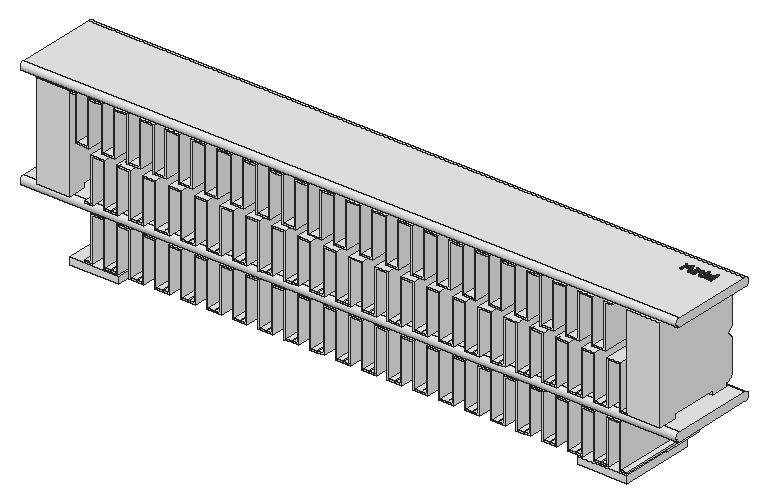
Revit family "Runtal-R3F-1", category Mechanical Equipment, host Face, Revit 2024
Family settings
  Host = Face
  Round Connector Dimension = Use Diameter
  Part Type = Normal
  OmniClass Number = 23.75.10.14.14
  OmniClass Title = Electric Radiators
  Cut with Voids When Loaded = No
  Maintain Annotation Orientation = No
  Shared = No
  Room Calculation Point = No
Parameters (values of type "Radiator-R3F_1-Runtal-Commercial")
  URL = "http://www.runtalnorthamerica.com/commercial_institutional/type_r3f.html"
  Model = "R3F-1"
  Manufacturer = "Runtal Radiators"
  Logo = Paint-Runtal-B-Black Matte
  Length = 508.000 mm
  Lamelle = yes
  Height = 144.780 mm
  Grille Visibility = Actual Length < 1524.000 mm  # yes
  Grille = yes
  Frame = UHMW, White
  Fin Length = Actual Length - 38.100 mm - 38.100 mm  # 431.800 mm
  Fin Height = 67.000 mm
  Description = "R3F radiators are mounted horizontally and consist of two rows of fins sandwiched between two layers of panels."
  Default Elevation = 1219.200 mm
  Casing = Powder Coated-Runtal-W-White
  Assembly Code = "D3020"
  Actual Length = if(Length < 508.000 mm, 508.000 mm, (if(Length > 8991.600 mm, 8991.600 mm, Length)))  # 508.000 mm
Reference planes
  plane 1 "Center (Front/Back)": y = 0
  plane 2: z = 0
  plane 3 "Center (Left/Right)": x = 0
  plane 4: z = 41.275
  plane 5: z = 84.138
  plane 6: z = 120.65
  plane 7: x = -254
  plane 8: x = 254
  plane 9: x = 215.9
  plane 10: z = 52.675
  plane 11: z = 114.975
  plane 12: x = -215.9
  plane 13: z = 47.625
  plane 14: x = -241.3
  plane 15: x = 241.3
  plane 16: y = 72.38
  plane 17: y = -72.38
  plane 18: y = 2.53
  plane 19: z = 5.4
  plane 20: y = 60.38
  plane 21: y = 61.38
Forms (mm)
  Sweep 1, solid, material "Powder Coated-Runtal-W-White" <- "Casing"
    path origin (0, 2.53, -82.252) x (0, 0, -1) y (-1, 0, 0)
      loop
        line (-202.902, 254) -> (-202.902, -254)
    profile "PF Panel : PF Panel" origin (0, 2.53, 120.65) x (0, 0, -1) y (0, 1, 0)
      loop
        arc (-6.35, 3.175) -> (-3.175, 0) -> (0, 3.175) r 3.175
        line (0, 3.175) -> (0, 66.675)
        arc (0, 66.675) -> (-3.175, 69.85) -> (-6.35, 66.675) r 3.175
        line (-6.35, 66.675) -> (-6.35, 3.175)
  Sweep 2, solid, material "Powder Coated-Runtal-W-White" <- "Casing"
    path origin (0, 2.53, -161.627) x (0, 0, -1) y (-1, 0, 0)
      loop
        line (-202.902, 254) -> (-202.902, -254)
    profile "PF Panel : PF Panel" origin (0, 2.53, 41.275) x (0, 0, -1) y (0, 1, 0)
      loop
        arc (-6.35, 3.175) -> (-3.175, 0) -> (0, 3.175) r 3.175
        line (0, 3.175) -> (0, 66.675)
        arc (0, 66.675) -> (-3.175, 69.85) -> (-6.35, 66.675) r 3.175
        line (-6.35, 66.675) -> (-6.35, 3.175)
  Extrusion 3, solid, material "Paint-Runtal-B-Black Matte" <- "Logo"
    sketch origin (0, -823.718, -152.4) x (1, 0, 0) y (0, 1, 0)
      loop
        line (215.9, 877.175) -> (217.482, 877.175) -> (217.482, 880.935)
        arc (217.482, 880.935) -> (218.028, 881.547) -> (218.698, 881.075) r 0.616
        arc (218.698, 881.075) -> (218.926, 880.633) -> (219.216, 880.229) r 3.37
        line (219.216, 880.229) -> (221.077, 880.229) -> (219.757, 883.061)
        arc (219.757, 883.061) -> (219.338, 883.403) -> (218.812, 883.525) r 1.194
        line (218.812, 883.525) -> (216.635, 883.525)
        arc (216.635, 883.525) -> (216.118, 883.334) -> (215.9, 882.827) r 0.699
        line (215.9, 882.827) -> (215.9, 877.175)
      loop
        line (222.852, 877.146) -> (225.869, 877.146) -> (225.869, 883.46)
        arc (225.869, 883.46) -> (225.105, 883.929) -> (224.341, 883.46) r 0.856
        line (224.341, 883.46) -> (224.341, 879.55)
        arc (224.341, 879.55) -> (223.721, 878.929) -> (223.1, 879.55) r 0.62
        line (223.1, 879.55) -> (221.834, 883.692)
        arc (221.834, 883.692) -> (220.996, 884.11) -> (220.536, 883.296) r 0.68
        line (220.536, 883.296) -> (221.738, 878.473)
        arc (221.738, 878.473) -> (222.142, 877.681) -> (222.852, 877.146) r 1.976
      loop
        line (226.263, 877.175) -> (227.738, 877.175) -> (227.738, 881.08)
        arc (227.738, 881.08) -> (228.119, 881.677) -> (228.747, 881.35) r 0.524
        line (228.747, 881.35) -> (229.931, 878.096)
        arc (229.931, 878.096) -> (230.64, 877.334) -> (231.68, 877.312) r 1.335
        line (231.68, 877.312) -> (230.282, 882.529)
        arc (230.282, 882.529) -> (229.99, 883.234) -> (229.286, 883.525) r 0.996
        line (229.286, 883.525) -> (226.837, 883.525)
        arc (226.837, 883.525) -> (226.431, 883.357) -> (226.263, 882.951) r 0.574
        line (226.263, 882.951) -> (226.263, 877.175)
      loop
        line (232.362, 877.175) -> (233.546, 877.175) -> (233.546, 880.946)
        arc (233.546, 880.946) -> (233.686, 881.325) -> (234.038, 881.521) r 0.582
        line (234.038, 881.521) -> (236.904, 881.521)
        arc (236.904, 881.521) -> (237.565, 880.86) -> (236.904, 880.199) r 0.661
        line (236.904, 880.199) -> (235.445, 880.199)
        arc (235.445, 880.199) -> (234.937, 879.989) -> (234.726, 879.481) r 0.718
        line (234.726, 879.481) -> (234.726, 877.743)
        arc (234.726, 877.743) -> (235.131, 877.463) -> (235.621, 877.417) r 0.967
        line (235.621, 877.417) -> (238.115, 877.417)
        arc (238.115, 877.417) -> (238.698, 877.659) -> (238.939, 878.241) r 0.824
        line (238.939, 878.241) -> (238.939, 881.716)
        arc (238.939, 881.716) -> (238.614, 882.502) -> (237.828, 882.828) r 1.111
        line (237.828, 882.828) -> (234.143, 882.828)
        arc (234.143, 882.828) -> (233.721, 883.003) -> (233.546, 883.425) r 0.597
        line (233.546, 883.425) -> (233.546, 884.441)
        arc (233.546, 884.441) -> (232.868, 885.118) -> (232.191, 884.441) r 0.677
        line (232.191, 884.441) -> (232.191, 882.794)
        arc (232.191, 882.794) -> (231.752, 882.355) -> (231.152, 882.194) r 1.2
        arc (231.152, 882.194) -> (230.815, 881.857) -> (231.152, 881.521) r 0.336
        arc (231.152, 881.521) -> (231.811, 881.385) -> (232.362, 880.998) r 1.661
        line (232.362, 880.998) -> (232.362, 877.175)
      loop
        spline (235.817, 878.915) -> (235.846, 878.769) -> (235.933, 878.633) -> (236.07, 878.516) -> (236.248, 878.426) -> (236.456, 878.37) -> (236.68, 878.35) -> (236.903, 878.37) -> (237.111, 878.426) -> (237.289, 878.516) -> (237.427, 878.633) -> (237.513, 878.769) -> (237.542, 878.915)
        spline (237.542, 878.915) -> (237.513, 879.061) -> (237.427, 879.198) -> (237.289, 879.315) -> (237.111, 879.404) -> (236.903, 879.461) -> (236.68, 879.48) -> (236.456, 879.461) -> (236.248, 879.404) -> (236.07, 879.315) -> (235.933, 879.198) -> (235.846, 879.061) -> (235.817, 878.915)
      loop
        line (239.224, 877.175) -> (240.643, 877.175) -> (240.643, 884.403)
        arc (240.643, 884.403) -> (239.934, 885.113) -> (239.224, 884.403) r 0.71
        line (239.224, 884.403) -> (239.224, 877.175)
    from 279.4 to 279.569
  Extrusion 4, solid, material "Powder Coated-Runtal-W-White" <- "Casing", detail levels medium+fine
    sketch origin (0, 72.38, -82.252) x (0, 0, -1) y (-1, 0, 0)
      loop
        line (-87.652, 177.8) -> (-82.252, 177.8) -> (-82.252, 215.9) -> (-87.652, 215.9) -> (-87.652, 177.8)
      loop
        line (-87.652, -177.8) -> (-87.652, -215.9) -> (-82.252, -215.9) -> (-82.252, -177.8) -> (-87.652, -177.8)
    from -69.85 to -12
  Extrusion 5, solid, material "Powder Coated-Runtal-W-White" <- "Casing"
    sketch origin (0, -823.718, -77.492) x (1, 0, 0) y (0, 0, -1)
      loop
        arc (-213.36, -125.117) -> (-215.156, -125.861) -> (-215.9, -127.657) r 2.54
        line (-215.9, -127.657) -> (-215.9, -158.452)
        arc (-215.9, -158.452) -> (-215.156, -160.248) -> (-213.36, -160.992) r 2.54
        line (-213.36, -160.992) -> (213.36, -160.992)
        arc (213.36, -160.992) -> (215.156, -160.248) -> (215.9, -158.452) r 2.54
        line (215.9, -158.452) -> (215.9, -127.657)
        arc (215.9, -127.657) -> (215.156, -125.861) -> (213.36, -125.117) r 2.54
        line (213.36, -125.117) -> (-213.36, -125.117)
      loop
        arc (213.36, -198.142) -> (215.156, -197.398) -> (215.9, -195.602) r 2.54
        line (215.9, -195.602) -> (215.9, -164.169)
        arc (215.9, -164.169) -> (215.156, -162.373) -> (213.36, -161.629) r 2.54
        line (213.36, -161.629) -> (-213.36, -161.629)
        arc (-213.36, -161.629) -> (-215.156, -162.373) -> (-215.9, -164.169) r 2.54
        line (-215.9, -164.169) -> (-215.9, -195.602)
        arc (-215.9, -195.602) -> (-215.156, -197.398) -> (-213.36, -198.142) r 2.54
        line (-213.36, -198.142) -> (213.36, -198.142)
    from 891.018 to 896.098
  Extrusion 6, solid, material "Powder Coated-Runtal-W-White" <- "Casing", detail levels coarse
    sketch origin (0, 34.915, 0) x (1, 0, 0) y (0, 0, 1)
      loop
        line (-215.9, 47.625) -> (215.9, 47.625) -> (215.9, 120.65) -> (-215.9, 120.65) -> (-215.9, 47.625)
    from -37.465 to -32.385
  Extrusion 7, solid, material "Powder Coated-Runtal-W-White" <- "Casing"
    sketch origin (-457.2, -823.718, -82.38) x (0, 0, -1) y (0, 1, 0)
      loop
        line (-133.18, 890.215) -> (-133.18, 891.009)
        arc (-133.18, 891.009) -> (-134.671, 894.608) -> (-138.27, 896.098) r 5.089
        line (-138.27, 896.098) -> (-160.018, 896.098)
        arc (-160.018, 896.098) -> (-164.373, 894.438) -> (-166.518, 890.301) r 6.542
        arc (-166.518, 890.301) -> (-168.663, 894.438) -> (-173.017, 896.098) r 6.542
        line (-173.017, 896.098) -> (-194.766, 896.098)
        arc (-194.766, 896.098) -> (-198.365, 894.608) -> (-199.855, 891.009) r 5.089
        line (-199.855, 891.009) -> (-199.855, 890.215) -> (-203.03, 890.215) -> (-203.03, 877.778) -> (-199.855, 877.778) -> (-199.855, 840.473) -> (-203.03, 840.473) -> (-203.03, 826.248) -> (-130.005, 826.248) -> (-130.005, 840.473) -> (-133.18, 840.473) -> (-133.18, 877.778) -> (-130.005, 877.778) -> (-130.005, 890.215) -> (-133.18, 890.215)
    from 215.9 to 241.3
  Extrusion 8, solid, material "Powder Coated-Runtal-W-White" <- "Casing"
    sketch origin (0, -823.718, -82.38) x (0, 0, -1) y (0, 1, 0)
      loop
        line (-133.18, 890.215) -> (-133.18, 891.009)
        arc (-133.18, 891.009) -> (-134.671, 894.608) -> (-138.27, 896.098) r 5.089
        line (-138.27, 896.098) -> (-160.018, 896.098)
        arc (-160.018, 896.098) -> (-164.373, 894.438) -> (-166.518, 890.301) r 6.542
        arc (-166.518, 890.301) -> (-168.663, 894.438) -> (-173.017, 896.098) r 6.542
        line (-173.017, 896.098) -> (-194.766, 896.098)
        arc (-194.766, 896.098) -> (-198.365, 894.608) -> (-199.855, 891.009) r 5.089
        line (-199.855, 891.009) -> (-199.855, 890.215) -> (-203.03, 890.215) -> (-203.03, 877.778) -> (-199.855, 877.778) -> (-199.855, 840.473) -> (-203.03, 840.473) -> (-203.03, 826.248) -> (-130.005, 826.248) -> (-130.005, 840.473) -> (-133.18, 840.473) -> (-133.18, 877.778) -> (-130.005, 877.778) -> (-130.005, 890.215) -> (-133.18, 890.215)
    from 215.9 to 241.3
  Extrusion 9, solid, material "Powder Coated-Runtal-W-White" <- "Casing"
    sketch origin (0, 0.171, 0) x (0, 1, 0) y (0, 0, 1)
      loop
        line (72.209, 41.275) -> (70.827, 41.275) -> (70.827, 6.782) -> (40.996, 6.782) -> (40.996, 5.4) -> (72.209, 5.4) -> (72.209, 41.275)
    from -215.9 to 215.9
Lines and regions (mm)
  model lines, style "Enter new name here", not visible
    curve 1: line (254, 0, 41.275) -> (215.9, 0, 41.275)
    curve 2: line (215.9, 0, 41.275) -> (215.9, 0, 5.4)
    curve 3: line (215.9, 0, 5.4) -> (-215.95, 0, 5.4)
    curve 4: line (-215.95, 0, 5.4) -> (-215.95, 0, 41.277)
    curve 5: line (-215.95, 0, 41.277) -> (-253.952, 0, 41.277)
Dimensions and locks
  plane 6 to plane 5 to plane 4 to level = 36.512 mm locked, 42.863 mm locked, 41.275 mm locked
  locked: level to plane 10 at 52.675
  locked: level to plane 11 at 114.975
  equal spacing: plane 7, plane 3 "Center (Left/Right)", plane 8  (x2)
  locked: plane 13 to level at 47.625
  locked: plane 9 to plane 8 at 38.1
  locked: plane 12 to plane 7 at 38.1
  "Actual Length": plane 7 to plane 8
  locked: plane 15 to plane 8 at 12.7
  locked: plane 7 to plane 14 at 12.7
  aligned and locked: plane 2 to host face
  aligned and locked: level to host face
  aligned and locked: Extrusion 6 to plane 16
  aligned and locked: Extrusion 5 to Extrusion 6
  aligned and locked: nested 6 to host face
  aligned and locked: plane 12 to nested 3
  aligned and locked: plane 12 to Extrusion 7
  aligned and locked: nested 4 to plane 9
  aligned and locked: nested 5 to plane 9
  aligned and locked: plane 12 to Extrusion 5 sketch curve  (x2)
  aligned and locked: plane 12 to nested 1
  aligned and locked: plane 12 to nested 2
  aligned and locked: Extrusion 8 to plane 9
  aligned and locked: plane 9 to Extrusion 6
  aligned and locked: Extrusion 8 to plane 15
  aligned and locked: Extrusion 6 to plane 12
  aligned and locked: plane 14 to Extrusion 7
  aligned and locked: Extrusion 4 to Extrusion 9
  aligned and locked: plane 9 to Extrusion 9
  aligned and locked: Extrusion 9 to plane 12
  aligned and locked: plane 9 to nested 8
  aligned and locked: plane 12 to nested 8
  aligned and locked: nested 9 to plane 9
  aligned and locked: nested 3 to plane 12
  aligned and locked: nested 9 to plane 12
  aligned and locked: plane 20 to Extrusion 4
  aligned and locked: Extrusion 4 to Extrusion 4
  aligned and locked: Extrusion 9 to nested 5
  aligned and locked: Extrusion 9 to plane 16
Automatic sketch dimensions
  host sketch curve to host sketch curve = 2438.400 mm  (x2)
  Sweep 1 sketch curve to plane 6 = 0.000 mm
  plane 8 to Sweep 1 sketch curve = 0.000 mm
  plane 7 to Sweep 1 sketch curve = 0.000 mm
  Sweep 2 sketch curve to plane 4 = 0.000 mm
  plane 8 to Sweep 2 sketch curve = 0.000 mm
  plane 7 to Sweep 2 sketch curve = 0.000 mm
  Extrusion 3 sketch curve to plane 9 = 0.000 mm
  plane 16 to Extrusion 3 sketch curve = 18.953 mm
  plane 9 to Extrusion 3 sketch curve = 0.735 mm
  Extrusion 3 sketch curve to Extrusion 3 sketch curve = 1.582 mm
  Extrusion 3 sketch curve to Extrusion 3 sketch curve = 2.177 mm
  Extrusion 3 sketch curve to Extrusion 3 sketch curve = 1.734 mm
  Extrusion 3 sketch curve to Extrusion 3 sketch curve = 0.945 mm
  Extrusion 3 sketch curve to Extrusion 3 sketch curve = 0.779 mm
  Extrusion 3 sketch curve to Extrusion 3 sketch curve = 1.861 mm
  Extrusion 3 sketch curve to Extrusion 3 sketch curve = 0.661 mm
  Extrusion 3 sketch curve to Extrusion 3 sketch curve = 1.298 mm
  Extrusion 3 sketch curve to Extrusion 3 sketch curve = 1.114 mm
  Extrusion 3 sketch curve to Extrusion 3 sketch curve = 1.362 mm
  Extrusion 3 sketch curve to Extrusion 3 sketch curve = 2.507 mm
  Extrusion 3 sketch curve to Extrusion 3 sketch curve = 1.528 mm
  Extrusion 3 sketch curve to Extrusion 3 sketch curve = 0.394 mm
  Extrusion 3 sketch curve to Extrusion 3 sketch curve = 0.574 mm
  Extrusion 3 sketch curve to Extrusion 3 sketch curve = 1.475 mm
  Extrusion 3 sketch curve to Extrusion 3 sketch curve = 1.008 mm
  Extrusion 3 sketch curve to Extrusion 3 sketch curve = 0.539 mm
  Extrusion 3 sketch curve to Extrusion 3 sketch curve = 2.193 mm
  Extrusion 3 sketch curve to Extrusion 3 sketch curve = 0.996 mm
  Extrusion 3 sketch curve to Extrusion 3 sketch curve = 1.749 mm
  Extrusion 3 sketch curve to Extrusion 3 sketch curve = 1.909 mm
  Extrusion 3 sketch curve to Extrusion 3 sketch curve = 0.683 mm
  Extrusion 3 sketch curve to Extrusion 3 sketch curve = 1.355 mm
  Extrusion 3 sketch curve to Extrusion 3 sketch curve = 1.184 mm
  Extrusion 3 sketch curve to Extrusion 3 sketch curve = 0.492 mm  (x2)
  Extrusion 3 sketch curve to Extrusion 3 sketch curve = 1.181 mm
  Extrusion 3 sketch curve to Extrusion 3 sketch curve = 0.718 mm
  Extrusion 3 sketch curve to Extrusion 3 sketch curve = 0.894 mm
  Extrusion 3 sketch curve to Extrusion 3 sketch curve = 1.460 mm
  Extrusion 3 sketch curve to Extrusion 3 sketch curve = 0.923 mm
  Extrusion 3 sketch curve to Extrusion 3 sketch curve = 2.495 mm
  Extrusion 3 sketch curve to Extrusion 3 sketch curve = 1.111 mm
  Extrusion 3 sketch curve to Extrusion 3 sketch curve = 0.285 mm
  plane 15 to Extrusion 3 sketch curve = 0.657 mm
  Extrusion 3 sketch curve to Extrusion 3 sketch curve = 0.699 mm
  Extrusion 3 sketch curve to Extrusion 3 sketch curve = 0.616 mm
  Extrusion 3 sketch curve to Extrusion 3 sketch curve = 0.600 mm
  Extrusion 3 sketch curve to Extrusion 3 sketch curve = 0.660 mm
  Extrusion 3 sketch curve to Extrusion 3 sketch curve = 0.603 mm
  Extrusion 3 sketch curve to Extrusion 3 sketch curve = 0.065 mm
  Extrusion 3 sketch curve to Extrusion 3 sketch curve = 0.764 mm
  Extrusion 3 sketch curve to Extrusion 3 sketch curve = 0.870 mm
  Extrusion 3 sketch curve to Extrusion 3 sketch curve = 0.034 mm
  Extrusion 3 sketch curve to Extrusion 3 sketch curve = 0.582 mm
  Extrusion 3 sketch curve to Extrusion 3 sketch curve = 0.597 mm
  Extrusion 3 sketch curve to Extrusion 3 sketch curve = 0.000 mm  (x3)
  Extrusion 3 sketch curve to Extrusion 3 sketch curve = 0.735 mm
  Extrusion 3 sketch curve to Extrusion 3 sketch curve = 0.356 mm
  Extrusion 3 sketch curve to Extrusion 3 sketch curve = 0.863 mm
  Extrusion 3 sketch curve to Extrusion 3 sketch curve = 0.030 mm  (x4)
  Extrusion 3 sketch curve to Extrusion 3 sketch curve = 0.137 mm
  Extrusion 3 sketch curve to Extrusion 3 sketch curve = 0.242 mm
  Extrusion 3 sketch curve to Extrusion 3 sketch curve = 0.326 mm
  Extrusion 3 sketch curve to Extrusion 3 sketch curve = 0.784 mm
  Extrusion 3 sketch curve to Extrusion 3 sketch curve = 1.327 mm
  Extrusion 3 sketch curve to Extrusion 3 sketch curve = 1.109 mm
  Extrusion 3 sketch curve to Extrusion 3 sketch curve = 0.599 mm
  Extrusion 3 sketch curve to Extrusion 3 sketch curve = 1.756 mm
  Extrusion 3 sketch curve to Extrusion 3 sketch curve = 0.706 mm
  Extrusion 3 sketch curve to Extrusion 3 sketch curve = 1.466 mm
  Extrusion 3 sketch curve to Extrusion 3 sketch curve = 0.051 mm
  Extrusion 3 sketch curve to Extrusion 3 sketch curve = 2.984 mm
  Extrusion 3 sketch curve to Extrusion 3 sketch curve = 0.270 mm
  Extrusion 3 sketch curve to Extrusion 3 sketch curve = 0.195 mm
  Extrusion 3 sketch curve to Extrusion 3 sketch curve = 1.179 mm
  Extrusion 3 sketch curve to Extrusion 3 sketch curve = 0.631 mm
  Extrusion 3 sketch curve to Extrusion 3 sketch curve = 1.892 mm
  Extrusion 3 sketch curve to Extrusion 3 sketch curve = 0.464 mm
  Extrusion 3 sketch curve to Extrusion 3 sketch curve = 0.235 mm
  Extrusion 3 sketch curve to Extrusion 3 sketch curve = 0.509 mm
  Extrusion 3 sketch curve to Extrusion 3 sketch curve = 1.297 mm
  Extrusion 3 sketch curve to Extrusion 3 sketch curve = 1.575 mm
  Extrusion 3 sketch curve to Extrusion 3 sketch curve = 1.647 mm
  Extrusion 3 sketch curve to Extrusion 3 sketch curve = 0.544 mm
  Extrusion 3 sketch curve to Extrusion 3 sketch curve = 1.307 mm
  Extrusion 3 sketch curve to Extrusion 3 sketch curve = 0.336 mm
  Extrusion 3 sketch curve to Extrusion 3 sketch curve = 0.387 mm
  plane 4 to Extrusion 4 sketch curve = 35.875 mm  (x2)
  Extrusion 4 sketch curve to level = 0.000 mm  (x2)
  Extrusion 4 sketch curve to plane 9 = 0.000 mm
  Extrusion 4 sketch curve to plane 12 = 0.000 mm
  Extrusion 4 sketch curve to plane 9 = 38.100 mm
  Extrusion 4 sketch curve to Extrusion 4 sketch curve = 38.100 mm
  Extrusion 6 sketch curve to plane 12 = 0.000 mm
  Extrusion 6 sketch curve to plane 6 = 0.000 mm
  Extrusion 6 sketch curve to plane 9 = 0.000 mm
  Extrusion 6 sketch curve to plane 13 = 0.000 mm
  Extrusion 5 sketch curve to plane 5 = 0.000 mm
  Extrusion 5 sketch curve to plane 13 = 0.000 mm
  Extrusion 5 sketch curve to plane 6 = 0.000 mm
  Extrusion 5 sketch curve to plane 9 = 0.000 mm  (x2)
  plane 6 to Extrusion 5 sketch curve = 2.540 mm
  plane 12 to Extrusion 5 sketch curve = 2.540 mm  (x3)
  Extrusion 5 sketch curve to Extrusion 5 sketch curve = 0.000 mm  (x2)
  Extrusion 5 sketch curve to plane 9 = 2.540 mm  (x2)
  plane 5 to Extrusion 5 sketch curve = 0.638 mm
  plane 6 to Extrusion 7 sketch curve = 0.000 mm  (x2)
  Extrusion 7 sketch curve to plane 16 = 0.000 mm  (x2)
  plane 13 to Extrusion 7 sketch curve = 0.000 mm  (x2)
  Extrusion 7 sketch curve to plane 18 = 0.000 mm
  plane 5 to Extrusion 7 sketch curve = 0.000 mm
  plane 11 to Extrusion 7 sketch curve = 2.500 mm  (x2)
  Extrusion 7 sketch curve to plane 11 = 2.589 mm
  Extrusion 7 sketch curve to plane 5 = 6.500 mm
  plane 5 to Extrusion 7 sketch curve = 6.500 mm
  plane 10 to Extrusion 7 sketch curve = 3.214 mm
  Extrusion 7 sketch curve to plane 10 = 1.875 mm  (x2)
  Extrusion 7 sketch curve to plane 18 = 14.225 mm  (x2)
  Extrusion 7 sketch curve to Extrusion 7 sketch curve = 13.231 mm  (x2)
  Extrusion 7 sketch curve to Extrusion 7 sketch curve = 0.794 mm  (x2)
  Extrusion 7 sketch curve to Extrusion 7 sketch curve = 6.542 mm
  plane 6 to Extrusion 8 sketch curve = 0.000 mm  (x2)
  Extrusion 8 sketch curve to plane 16 = 0.000 mm  (x2)
  plane 13 to Extrusion 8 sketch curve = 0.000 mm  (x2)
  Extrusion 8 sketch curve to plane 18 = 0.000 mm
  plane 5 to Extrusion 8 sketch curve = 0.000 mm
  plane 11 to Extrusion 8 sketch curve = 2.500 mm  (x2)
  Extrusion 8 sketch curve to plane 11 = 2.589 mm
  Extrusion 8 sketch curve to plane 5 = 6.500 mm
  plane 5 to Extrusion 8 sketch curve = 6.500 mm
  plane 10 to Extrusion 8 sketch curve = 3.214 mm
  Extrusion 8 sketch curve to plane 10 = 1.875 mm  (x2)
  Extrusion 8 sketch curve to plane 18 = 14.225 mm  (x2)
  Extrusion 8 sketch curve to Extrusion 8 sketch curve = 13.231 mm  (x2)
  Extrusion 8 sketch curve to Extrusion 8 sketch curve = 0.794 mm  (x2)
  Extrusion 8 sketch curve to Extrusion 8 sketch curve = 6.542 mm
  plane 4 to Extrusion 9 sketch curve = 0.000 mm
  Extrusion 9 sketch curve to plane 16 = 0.000 mm
  level to Extrusion 9 sketch curve = 5.400 mm
  Extrusion 9 sketch curve to Extrusion 9 sketch curve = 1.382 mm  (x2)
  Extrusion 9 sketch curve to Extrusion 9 sketch curve = 29.831 mm
Nested families
  nested 1: "Family Grilles" at (-215.9, 72.38, 114.975) x (1, 0, 0) z (0, 1, 0), visible <- "Grille Visibility", type "Family Grilles", detail levels fine
  nested 2: "Family Grilles" at (-215.9, 72.38, 52.675) x (1, 0, 0) z (0, -1, 0), visible <- "Grille Visibility", type "Family Grilles", detail levels fine
  nested 3: "Family Fins" at (-215.9, 2.53, 120.65) x (1, 0, 0) z (0, 1, 0), type "Family Fins", detail levels medium+fine
    with fHeight 67.000 mm
  nested 4: "Family Fins" at (215.9, 2.53, 47.625) x (-1, 0, 0) z (0, 1, 0), type "Family Fins", detail levels medium+fine
    with fHeight 67.000 mm
  nested 5: "Family Fins" at (215.9, 2.53, 6.782) x (-1, 0, 0) z (0, 1, 0), type "Family Fins", detail levels medium+fine
    with fHeight 67.000 mm
  nested 6: "R3f_Plan_Coarse" at (0, 0, 0.952) x (-1, 0, 0) z (0, -1, 0), type "R3F_Plan_coarse", detail levels coarse
  nested 7: "R3F_Plan_Medium" at (0.05, 0, 0) x (-1, 0, 0) z (0, -1, 0), type "R3F_Plan_Medium"
  nested 8: "Family Grilles" at (-215.9, 72.38, 11.352) x (1, 0, 0) z (0, -1, 0), visible <- "Grille Visibility", type "Family Grilles", detail levels fine
  nested 9: "Family Back Grilles" at (215.9, 61.917, 5.4) x (-1, 0, 0) z (0, 0, -1), visible <- "Grille Visibility", type "Family Back Grilles"
Connectors
  piping at (196.85, 31.455, 0), diameter 609.6
    settings: on Extrusion 4, index 1, connector inside diameter 24", connector length 0.000 mm, flow factor 0, pipe flow 0 GPM, pressure drop 0.00 psi, fitting loss kfactor 0, connector angle 0.00°, fixture units 0, engagement length 0.000 mm, angle of deflection 0.00°, flow configuration 0, flow direction 0, fitting loss method 0, system type 7, joint type 0, gender type 0, connector reference index -1, connector utility 0, adjustable connector no, is connector primary yes, connector description ""
Definition of nested family "Family Fins"
  Parameters
    finLength = 431.800 mm
    fin# = rounddown((finLength) / 19.990 mm)  # 21
    fin = none
    fHeight = 120.000 mm
    Default Elevation = 0.000 mm  # constant formula
  Reference planes
    plane 1 "Center (Front/Back)": y = 0
    plane 2 "Stick": z = 0
    plane 3 "Center (Left/Right)": x = 0
    plane 4: x = 431.8
  Forms (mm)
    Extrusion 1, solid
      sketch origin (0, 0, 0) x (1, 0, 0) y (0, 1, 0)
        loop
          line (-1219.2, 1219.2) -> (-1219.2, -1219.2) -> (1219.2, -1219.2) -> (1219.2, 1219.2) -> (-1219.2, 1219.2)
      from 0 to -304.8
  Dimensions and locks
    "finLength": plane 3 "Center (Left/Right)" to plane 4
    equal spacing: group 1, group 2, group 3, group 4, group 5, group 6, group 7, group 8, group 9, group 10, group 11, group 12, group 13, group 14, group 15, group 16, group 17, group 18, group 19, group 20, group 21  (x3)
    aligned and locked: plane 2 "Stick" to Extrusion 1
    aligned and locked: level to Extrusion 1
  Automatic sketch dimensions
    Extrusion 1 sketch curve to Extrusion 1 sketch curve = 2438.400 mm  (x2)
  Nested families
    nested 1: "Family Lamelle" at (9.995, 0, 0), type "Family Lamelle"
      with fHeight 120.000 mm
    nested 2: "Family Lamelle" at (29.985, 0, 0), type "Family Lamelle"
      with fHeight 120.000 mm
    nested 3: "Family Lamelle" at (49.975, 0, 0), type "Family Lamelle"
      with fHeight 120.000 mm
    nested 4: "Family Lamelle" at (69.964, 0, 0), type "Family Lamelle"
      with fHeight 120.000 mm
    nested 5: "Family Lamelle" at (89.954, 0, 0), type "Family Lamelle"
      with fHeight 120.000 mm
    nested 6: "Family Lamelle" at (109.944, 0, 0), type "Family Lamelle"
      with fHeight 120.000 mm
    nested 7: "Family Lamelle" at (129.934, 0, 0), type "Family Lamelle"
      with fHeight 120.000 mm
    nested 8: "Family Lamelle" at (149.924, 0, 0), type "Family Lamelle"
      with fHeight 120.000 mm
    nested 9: "Family Lamelle" at (169.913, 0, 0), type "Family Lamelle"
      with fHeight 120.000 mm
    nested 10: "Family Lamelle" at (189.903, 0, 0), type "Family Lamelle"
      with fHeight 120.000 mm
    nested 11: "Family Lamelle" at (209.893, 0, 0), type "Family Lamelle"
      with fHeight 120.000 mm
    nested 12: "Family Lamelle" at (229.883, 0, 0), type "Family Lamelle"
      with fHeight 120.000 mm
    nested 13: "Family Lamelle" at (249.873, 0, 0), type "Family Lamelle"
      with fHeight 120.000 mm
    nested 14: "Family Lamelle" at (269.862, 0, 0), type "Family Lamelle"
      with fHeight 120.000 mm
    nested 15: "Family Lamelle" at (289.852, 0, 0), type "Family Lamelle"
      with fHeight 120.000 mm
    nested 16: "Family Lamelle" at (309.842, 0, 0), type "Family Lamelle"
      with fHeight 120.000 mm
    nested 17: "Family Lamelle" at (329.832, 0, 0), type "Family Lamelle"
      with fHeight 120.000 mm
    nested 18: "Family Lamelle" at (349.822, 0, 0), type "Family Lamelle"
      with fHeight 120.000 mm
    nested 19: "Family Lamelle" at (369.811, 0, 0), type "Family Lamelle"
      with fHeight 120.000 mm
    nested 20: "Family Lamelle" at (389.801, 0, 0), type "Family Lamelle"
      with fHeight 120.000 mm
    nested 21: "Family Lamelle" at (409.791, 0, 0), type "Family Lamelle"
      with fHeight 120.000 mm
  Definition of nested family "Family Lamelle"
    Parameters
      fHeight = 66.000 mm
      Fin = none
      Default Elevation = 1219.200 mm
    Reference planes
      plane 1 "Center (Front/Back)": y = 0
      plane 2: z = 0
      plane 3 "Center (Left/Right)": x = 0
    Forms (mm)
      Extrusion 1, solid
        sketch origin (0, 0, 0) x (1, 0, 0) y (0, 1, 0)
          loop
            line (-1219.2, 1219.2) -> (-1219.2, -1219.2) -> (1219.2, -1219.2) -> (1219.2, 1219.2) -> (-1219.2, 1219.2)
        from 0 to -304.8
      Sweep 2, solid, material <- "Fin"
        path origin (0, 0, 0) x (1, 0, 0) y (0, 0, 1)
          loop
            line (0, 0) -> (0, 66)
        profile "PF Lamelle : PF Lamelle" origin (0, 0, 33) x (-1, 0, 0) y (0, -1, 0)
          loop
            line (9.995, 0) -> (4.229, 0) -> (4.229, -33.477) -> (-4.229, -33.477) -> (-4.229, 0) -> (-9.995, 0) -> (-9.995, -1.016) -> (-5.245, -1.016) -> (-5.245, -34.493) -> (5.245, -34.493) -> (5.245, -1.016) -> (9.995, -1.016) -> (9.995, 0)
    Dimensions and locks
      "fHeight": Sweep 2 sketch curve to plane 2
      aligned and locked: plane 2 to Extrusion 1
      aligned and locked: level to Extrusion 1
    Automatic sketch dimensions
      Extrusion 1 sketch curve to Extrusion 1 sketch curve = 2438.400 mm  (x2)
      Sweep 2 sketch curve to plane 3 "Center (Left/Right)" = 0.000 mm
      Sweep 2 sketch curve to level = 0.000 mm
Definition of nested family "Family Grilles"
  Parameters
    finLength = 431.800 mm
    Right# = ((finLength - 10.160 mm) / (5.080 mm)) + 1  # 84
    Left# = ((finLength - 7.620 mm) / (5.080 mm)) + 1  # 85
    Default Elevation = 1219.200 mm
  Reference planes
    plane 1 "Center (Front/Back)": y = 0
    plane 2: z = 0
    plane 3 "Center (Left/Right)": x = 0
    plane 4: x = 431.8
  Forms (mm)
    Extrusion 1, solid
      sketch origin (0, 0, 0) x (1, 0, 0) y (0, 1, 0)
        loop
          line (-1219.2, 1219.2) -> (-1219.2, -1219.2) -> (1219.2, -1219.2) -> (1219.2, 1219.2) -> (-1219.2, 1219.2)
      from 0 to -304.8
  Lines and regions (mm)
    model lines
      curve 1: circle (2.54, 23.495, 0) r 1.27 normal (0, 0, 1)
      curve 2: circle (2.54, 14.605, 0) r 1.27 normal (0, 0, 1)
      curve 3: circle (2.54, 5.715, 0) r 1.27 normal (0, 0, 1)
      curve 4: circle (5.08, 19.05, 0) r 1.27 normal (0, 0, 1)
      curve 5: circle (5.08, 10.16, 0) r 1.27 normal (0, 0, 1)
      curve 6: circle (5.08, 1.27, 0) r 1.27 normal (0, 0, 1)
      curve 13: circle (7.62, 23.495, 0) r 1.27 normal (0, 0, 1)
      curve 14: circle (7.62, 14.605, 0) r 1.27 normal (0, 0, 1)
      curve 15: circle (7.62, 5.715, 0) r 1.27 normal (0, 0, 1)
      curve 16: circle (10.16, 19.05, 0) r 1.27 normal (0, 0, 1)
      curve 17: circle (10.16, 10.16, 0) r 1.27 normal (0, 0, 1)
      curve 18: circle (10.16, 1.27, 0) r 1.27 normal (0, 0, 1)
      curve 19: circle (15.24, 19.05, 0) r 1.27 normal (0, 0, 1)
      curve 20: circle (15.24, 10.16, 0) r 1.27 normal (0, 0, 1)
      curve 21: circle (15.24, 1.27, 0) r 1.27 normal (0, 0, 1)
      curve 22: circle (20.32, 19.05, 0) r 1.27 normal (0, 0, 1)
      curve 23: circle (20.32, 10.16, 0) r 1.27 normal (0, 0, 1)
      curve 24: circle (20.32, 1.27, 0) r 1.27 normal (0, 0, 1)
      curve 25: circle (12.7, 23.495, 0) r 1.27 normal (0, 0, 1)
      curve 26: circle (12.7, 14.605, 0) r 1.27 normal (0, 0, 1)
      curve 27: circle (12.7, 5.715, 0) r 1.27 normal (0, 0, 1)
      curve 28: circle (17.78, 23.495, 0) r 1.27 normal (0, 0, 1)
      curve 29: circle (17.78, 14.605, 0) r 1.27 normal (0, 0, 1)
      curve 30: circle (17.78, 5.715, 0) r 1.27 normal (0, 0, 1)
      curve 31: circle (22.86, 23.495, 0) r 1.27 normal (0, 0, 1)
      curve 32: circle (22.86, 14.605, 0) r 1.27 normal (0, 0, 1)
      curve 33: circle (22.86, 5.715, 0) r 1.27 normal (0, 0, 1)
      curve 34: circle (27.94, 23.495, 0) r 1.27 normal (0, 0, 1)
      curve 35: circle (27.94, 14.605, 0) r 1.27 normal (0, 0, 1)
      curve 36: circle (27.94, 5.715, 0) r 1.27 normal (0, 0, 1)
      curve 37: circle (33.02, 23.495, 0) r 1.27 normal (0, 0, 1)
      curve 38: circle (33.02, 14.605, 0) r 1.27 normal (0, 0, 1)
      curve 39: circle (33.02, 5.715, 0) r 1.27 normal (0, 0, 1)
      curve 40: circle (38.1, 23.495, 0) r 1.27 normal (0, 0, 1)
      curve 41: circle (38.1, 14.605, 0) r 1.27 normal (0, 0, 1)
      curve 42: circle (38.1, 5.715, 0) r 1.27 normal (0, 0, 1)
      curve 43: circle (43.18, 23.495, 0) r 1.27 normal (0, 0, 1)
      curve 44: circle (43.18, 14.605, 0) r 1.27 normal (0, 0, 1)
      curve 45: circle (43.18, 5.715, 0) r 1.27 normal (0, 0, 1)
      curve 46: circle (48.26, 23.495, 0) r 1.27 normal (0, 0, 1)
      curve 47: circle (48.26, 14.605, 0) r 1.27 normal (0, 0, 1)
      curve 48: circle (48.26, 5.715, 0) r 1.27 normal (0, 0, 1)
      curve 49: circle (53.34, 23.495, 0) r 1.27 normal (0, 0, 1)
      curve 50: circle (53.34, 14.605, 0) r 1.27 normal (0, 0, 1)
      curve 51: circle (53.34, 5.715, 0) r 1.27 normal (0, 0, 1)
      curve 52: circle (58.42, 23.495, 0) r 1.27 normal (0, 0, 1)
      curve 53: circle (58.42, 14.605, 0) r 1.27 normal (0, 0, 1)
      curve 54: circle (58.42, 5.715, 0) r 1.27 normal (0, 0, 1)
      curve 55: circle (63.5, 23.495, 0) r 1.27 normal (0, 0, 1)
      curve 56: circle (63.5, 14.605, 0) r 1.27 normal (0, 0, 1)
      curve 57: circle (63.5, 5.715, 0) r 1.27 normal (0, 0, 1)
      curve 58: circle (68.58, 23.495, 0) r 1.27 normal (0, 0, 1)
      curve 59: circle (68.58, 14.605, 0) r 1.27 normal (0, 0, 1)
      curve 60: circle (68.58, 5.715, 0) r 1.27 normal (0, 0, 1)
      curve 61: circle (73.66, 23.495, 0) r 1.27 normal (0, 0, 1)
      curve 62: circle (73.66, 14.605, 0) r 1.27 normal (0, 0, 1)
      curve 63: circle (73.66, 5.715, 0) r 1.27 normal (0, 0, 1)
      curve 64: circle (78.74, 23.495, 0) r 1.27 normal (0, 0, 1)
      curve 65: circle (78.74, 14.605, 0) r 1.27 normal (0, 0, 1)
      curve 66: circle (78.74, 5.715, 0) r 1.27 normal (0, 0, 1)
      curve 67: circle (83.82, 23.495, 0) r 1.27 normal (0, 0, 1)
      curve 68: circle (83.82, 14.605, 0) r 1.27 normal (0, 0, 1)
      curve 69: circle (83.82, 5.715, 0) r 1.27 normal (0, 0, 1)
      curve 70: circle (88.9, 23.495, 0) r 1.27 normal (0, 0, 1)
      curve 71: circle (88.9, 14.605, 0) r 1.27 normal (0, 0, 1)
      curve 72: circle (88.9, 5.715, 0) r 1.27 normal (0, 0, 1)
      curve 73: circle (93.98, 23.495, 0) r 1.27 normal (0, 0, 1)
      curve 74: circle (93.98, 14.605, 0) r 1.27 normal (0, 0, 1)
      curve 75: circle (93.98, 5.715, 0) r 1.27 normal (0, 0, 1)
      curve 76: circle (99.06, 23.495, 0) r 1.27 normal (0, 0, 1)
      curve 77: circle (99.06, 14.605, 0) r 1.27 normal (0, 0, 1)
      curve 78: circle (99.06, 5.715, 0) r 1.27 normal (0, 0, 1)
      curve 79: circle (104.14, 23.495, 0) r 1.27 normal (0, 0, 1)
      curve 80: circle (104.14, 14.605, 0) r 1.27 normal (0, 0, 1)
      curve 81: circle (104.14, 5.715, 0) r 1.27 normal (0, 0, 1)
      curve 82: circle (109.22, 23.495, 0) r 1.27 normal (0, 0, 1)
      curve 83: circle (109.22, 14.605, 0) r 1.27 normal (0, 0, 1)
      curve 84: circle (109.22, 5.715, 0) r 1.27 normal (0, 0, 1)
      curve 85: circle (114.3, 23.495, 0) r 1.27 normal (0, 0, 1)
      curve 86: circle (114.3, 14.605, 0) r 1.27 normal (0, 0, 1)
      curve 87: circle (114.3, 5.715, 0) r 1.27 normal (0, 0, 1)
      curve 88: circle (119.38, 23.495, 0) r 1.27 normal (0, 0, 1)
      curve 89: circle (119.38, 14.605, 0) r 1.27 normal (0, 0, 1)
      curve 90: circle (119.38, 5.715, 0) r 1.27 normal (0, 0, 1)
      curve 91: circle (124.46, 23.495, 0) r 1.27 normal (0, 0, 1)
      curve 92: circle (124.46, 14.605, 0) r 1.27 normal (0, 0, 1)
      curve 93: circle (124.46, 5.715, 0) r 1.27 normal (0, 0, 1)
      curve 94: circle (129.54, 23.495, 0) r 1.27 normal (0, 0, 1)
      curve 95: circle (129.54, 14.605, 0) r 1.27 normal (0, 0, 1)
      curve 96: circle (129.54, 5.715, 0) r 1.27 normal (0, 0, 1)
      curve 97: circle (134.62, 23.495, 0) r 1.27 normal (0, 0, 1)
      curve 98: circle (134.62, 14.605, 0) r 1.27 normal (0, 0, 1)
      curve 99: circle (134.62, 5.715, 0) r 1.27 normal (0, 0, 1)
      curve 100: circle (139.7, 23.495, 0) r 1.27 normal (0, 0, 1)
      curve 101: circle (139.7, 14.605, 0) r 1.27 normal (0, 0, 1)
      curve 102: circle (139.7, 5.715, 0) r 1.27 normal (0, 0, 1)
      curve 103: circle (144.78, 23.495, 0) r 1.27 normal (0, 0, 1)
      curve 104: circle (144.78, 14.605, 0) r 1.27 normal (0, 0, 1)
      curve 105: circle (144.78, 5.715, 0) r 1.27 normal (0, 0, 1)
      curve 106: circle (149.86, 23.495, 0) r 1.27 normal (0, 0, 1)
      curve 107: circle (149.86, 14.605, 0) r 1.27 normal (0, 0, 1)
      curve 108: circle (149.86, 5.715, 0) r 1.27 normal (0, 0, 1)
      curve 109: circle (154.94, 23.495, 0) r 1.27 normal (0, 0, 1)
      curve 110: circle (154.94, 14.605, 0) r 1.27 normal (0, 0, 1)
      curve 111: circle (154.94, 5.715, 0) r 1.27 normal (0, 0, 1)
      curve 112: circle (160.02, 23.495, 0) r 1.27 normal (0, 0, 1)
      curve 113: circle (160.02, 14.605, 0) r 1.27 normal (0, 0, 1)
      curve 114: circle (160.02, 5.715, 0) r 1.27 normal (0, 0, 1)
      curve 115: circle (165.1, 23.495, 0) r 1.27 normal (0, 0, 1)
      curve 116: circle (165.1, 14.605, 0) r 1.27 normal (0, 0, 1)
      curve 117: circle (165.1, 5.715, 0) r 1.27 normal (0, 0, 1)
      curve 118: circle (170.18, 23.495, 0) r 1.27 normal (0, 0, 1)
      curve 119: circle (170.18, 14.605, 0) r 1.27 normal (0, 0, 1)
      curve 120: circle (170.18, 5.715, 0) r 1.27 normal (0, 0, 1)
      curve 121: circle (175.26, 23.495, 0) r 1.27 normal (0, 0, 1)
      curve 122: circle (175.26, 14.605, 0) r 1.27 normal (0, 0, 1)
      curve 123: circle (175.26, 5.715, 0) r 1.27 normal (0, 0, 1)
      curve 124: circle (180.34, 23.495, 0) r 1.27 normal (0, 0, 1)
      curve 125: circle (180.34, 14.605, 0) r 1.27 normal (0, 0, 1)
      curve 126: circle (180.34, 5.715, 0) r 1.27 normal (0, 0, 1)
      curve 127: circle (185.42, 23.495, 0) r 1.27 normal (0, 0, 1)
      curve 128: circle (185.42, 14.605, 0) r 1.27 normal (0, 0, 1)
      curve 129: circle (185.42, 5.715, 0) r 1.27 normal (0, 0, 1)
      curve 130: circle (190.5, 23.495, 0) r 1.27 normal (0, 0, 1)
      curve 131: circle (190.5, 14.605, 0) r 1.27 normal (0, 0, 1)
      curve 132: circle (190.5, 5.715, 0) r 1.27 normal (0, 0, 1)
      curve 133: circle (195.58, 23.495, 0) r 1.27 normal (0, 0, 1)
      curve 134: circle (195.58, 14.605, 0) r 1.27 normal (0, 0, 1)
      curve 135: circle (195.58, 5.715, 0) r 1.27 normal (0, 0, 1)
      curve 136: circle (200.66, 23.495, 0) r 1.27 normal (0, 0, 1)
      curve 137: circle (200.66, 14.605, 0) r 1.27 normal (0, 0, 1)
      curve 138: circle (200.66, 5.715, 0) r 1.27 normal (0, 0, 1)
      curve 139: circle (205.74, 23.495, 0) r 1.27 normal (0, 0, 1)
      curve 140: circle (205.74, 14.605, 0) r 1.27 normal (0, 0, 1)
      curve 141: circle (205.74, 5.715, 0) r 1.27 normal (0, 0, 1)
      curve 142: circle (210.82, 23.495, 0) r 1.27 normal (0, 0, 1)
      curve 143: circle (210.82, 14.605, 0) r 1.27 normal (0, 0, 1)
      curve 144: circle (210.82, 5.715, 0) r 1.27 normal (0, 0, 1)
      curve 145: circle (215.9, 23.495, 0) r 1.27 normal (0, 0, 1)
      curve 146: circle (215.9, 14.605, 0) r 1.27 normal (0, 0, 1)
      curve 147: circle (215.9, 5.715, 0) r 1.27 normal (0, 0, 1)
      curve 148: circle (220.98, 23.495, 0) r 1.27 normal (0, 0, 1)
      curve 149: circle (220.98, 14.605, 0) r 1.27 normal (0, 0, 1)
      curve 150: circle (220.98, 5.715, 0) r 1.27 normal (0, 0, 1)
      curve 151: circle (226.06, 23.495, 0) r 1.27 normal (0, 0, 1)
      curve 152: circle (226.06, 14.605, 0) r 1.27 normal (0, 0, 1)
      curve 153: circle (226.06, 5.715, 0) r 1.27 normal (0, 0, 1)
      curve 154: circle (231.14, 23.495, 0) r 1.27 normal (0, 0, 1)
      curve 155: circle (231.14, 14.605, 0) r 1.27 normal (0, 0, 1)
      curve 156: circle (231.14, 5.715, 0) r 1.27 normal (0, 0, 1)
      curve 157: circle (236.22, 23.495, 0) r 1.27 normal (0, 0, 1)
      curve 158: circle (236.22, 14.605, 0) r 1.27 normal (0, 0, 1)
      curve 159: circle (236.22, 5.715, 0) r 1.27 normal (0, 0, 1)
      curve 160: circle (241.3, 23.495, 0) r 1.27 normal (0, 0, 1)
      curve 161: circle (241.3, 14.605, 0) r 1.27 normal (0, 0, 1)
      curve 162: circle (241.3, 5.715, 0) r 1.27 normal (0, 0, 1)
      curve 163: circle (246.38, 23.495, 0) r 1.27 normal (0, 0, 1)
      curve 164: circle (246.38, 14.605, 0) r 1.27 normal (0, 0, 1)
      curve 165: circle (246.38, 5.715, 0) r 1.27 normal (0, 0, 1)
      curve 166: circle (251.46, 23.495, 0) r 1.27 normal (0, 0, 1)
      curve 167: circle (251.46, 14.605, 0) r 1.27 normal (0, 0, 1)
      curve 168: circle (251.46, 5.715, 0) r 1.27 normal (0, 0, 1)
      curve 169: circle (256.54, 23.495, 0) r 1.27 normal (0, 0, 1)
      curve 170: circle (256.54, 14.605, 0) r 1.27 normal (0, 0, 1)
      curve 171: circle (256.54, 5.715, 0) r 1.27 normal (0, 0, 1)
      curve 172: circle (261.62, 23.495, 0) r 1.27 normal (0, 0, 1)
      curve 173: circle (261.62, 14.605, 0) r 1.27 normal (0, 0, 1)
      curve 174: circle (261.62, 5.715, 0) r 1.27 normal (0, 0, 1)
      curve 175: circle (266.7, 23.495, 0) r 1.27 normal (0, 0, 1)
      curve 176: circle (266.7, 14.605, 0) r 1.27 normal (0, 0, 1)
      curve 177: circle (266.7, 5.715, 0) r 1.27 normal (0, 0, 1)
      curve 178: circle (271.78, 23.495, 0) r 1.27 normal (0, 0, 1)
      curve 179: circle (271.78, 14.605, 0) r 1.27 normal (0, 0, 1)
      curve 180: circle (271.78, 5.715, 0) r 1.27 normal (0, 0, 1)
      curve 181: circle (276.86, 23.495, 0) r 1.27 normal (0, 0, 1)
      curve 182: circle (276.86, 14.605, 0) r 1.27 normal (0, 0, 1)
      curve 183: circle (276.86, 5.715, 0) r 1.27 normal (0, 0, 1)
      curve 184: circle (281.94, 23.495, 0) r 1.27 normal (0, 0, 1)
      curve 185: circle (281.94, 14.605, 0) r 1.27 normal (0, 0, 1)
      curve 186: circle (281.94, 5.715, 0) r 1.27 normal (0, 0, 1)
      curve 187: circle (287.02, 23.495, 0) r 1.27 normal (0, 0, 1)
      curve 188: circle (287.02, 14.605, 0) r 1.27 normal (0, 0, 1)
      curve 189: circle (287.02, 5.715, 0) r 1.27 normal (0, 0, 1)
      curve 190: circle (292.1, 23.495, 0) r 1.27 normal (0, 0, 1)
      curve 191: circle (292.1, 14.605, 0) r 1.27 normal (0, 0, 1)
      curve 192: circle (292.1, 5.715, 0) r 1.27 normal (0, 0, 1)
      curve 193: circle (297.18, 23.495, 0) r 1.27 normal (0, 0, 1)
      curve 194: circle (297.18, 14.605, 0) r 1.27 normal (0, 0, 1)
      curve 195: circle (297.18, 5.715, 0) r 1.27 normal (0, 0, 1)
      curve 196: circle (302.26, 23.495, 0) r 1.27 normal (0, 0, 1)
      curve 197: circle (302.26, 14.605, 0) r 1.27 normal (0, 0, 1)
      curve 198: circle (302.26, 5.715, 0) r 1.27 normal (0, 0, 1)
      curve 199: circle (307.34, 23.495, 0) r 1.27 normal (0, 0, 1)
      curve 200: circle (307.34, 14.605, 0) r 1.27 normal (0, 0, 1)
      curve 201: circle (307.34, 5.715, 0) r 1.27 normal (0, 0, 1)
      curve 202: circle (312.42, 23.495, 0) r 1.27 normal (0, 0, 1)
      curve 203: circle (312.42, 14.605, 0) r 1.27 normal (0, 0, 1)
      curve 204: circle (312.42, 5.715, 0) r 1.27 normal (0, 0, 1)
      curve 205: circle (317.5, 23.495, 0) r 1.27 normal (0, 0, 1)
      curve 206: circle (317.5, 14.605, 0) r 1.27 normal (0, 0, 1)
      curve 207: circle (317.5, 5.715, 0) r 1.27 normal (0, 0, 1)
      curve 208: circle (322.58, 23.495, 0) r 1.27 normal (0, 0, 1)
      curve 209: circle (322.58, 14.605, 0) r 1.27 normal (0, 0, 1)
      curve 210: circle (322.58, 5.715, 0) r 1.27 normal (0, 0, 1)
      curve 211: circle (327.66, 23.495, 0) r 1.27 normal (0, 0, 1)
      curve 212: circle (327.66, 14.605, 0) r 1.27 normal (0, 0, 1)
      curve 213: circle (327.66, 5.715, 0) r 1.27 normal (0, 0, 1)
      curve 214: circle (332.74, 23.495, 0) r 1.27 normal (0, 0, 1)
      curve 215: circle (332.74, 14.605, 0) r 1.27 normal (0, 0, 1)
      curve 216: circle (332.74, 5.715, 0) r 1.27 normal (0, 0, 1)
      curve 217: circle (337.82, 23.495, 0) r 1.27 normal (0, 0, 1)
      curve 218: circle (337.82, 14.605, 0) r 1.27 normal (0, 0, 1)
      curve 219: circle (337.82, 5.715, 0) r 1.27 normal (0, 0, 1)
      curve 220: circle (342.9, 23.495, 0) r 1.27 normal (0, 0, 1)
      curve 221: circle (342.9, 14.605, 0) r 1.27 normal (0, 0, 1)
      curve 222: circle (342.9, 5.715, 0) r 1.27 normal (0, 0, 1)
      curve 223: circle (347.98, 23.495, 0) r 1.27 normal (0, 0, 1)
      curve 224: circle (347.98, 14.605, 0) r 1.27 normal (0, 0, 1)
      curve 225: circle (347.98, 5.715, 0) r 1.27 normal (0, 0, 1)
      curve 226: circle (353.06, 23.495, 0) r 1.27 normal (0, 0, 1)
      curve 227: circle (353.06, 14.605, 0) r 1.27 normal (0, 0, 1)
      curve 228: circle (353.06, 5.715, 0) r 1.27 normal (0, 0, 1)
      curve 229: circle (358.14, 23.495, 0) r 1.27 normal (0, 0, 1)
      curve 230: circle (358.14, 14.605, 0) r 1.27 normal (0, 0, 1)
      curve 231: circle (358.14, 5.715, 0) r 1.27 normal (0, 0, 1)
      curve 232: circle (363.22, 23.495, 0) r 1.27 normal (0, 0, 1)
      curve 233: circle (363.22, 14.605, 0) r 1.27 normal (0, 0, 1)
      curve 234: circle (363.22, 5.715, 0) r 1.27 normal (0, 0, 1)
      curve 235: circle (368.3, 23.495, 0) r 1.27 normal (0, 0, 1)
      curve 236: circle (368.3, 14.605, 0) r 1.27 normal (0, 0, 1)
      curve 237: circle (368.3, 5.715, 0) r 1.27 normal (0, 0, 1)
      curve 238: circle (373.38, 23.495, 0) r 1.27 normal (0, 0, 1)
      curve 239: circle (373.38, 14.605, 0) r 1.27 normal (0, 0, 1)
      curve 240: circle (373.38, 5.715, 0) r 1.27 normal (0, 0, 1)
      curve 241: circle (378.46, 23.495, 0) r 1.27 normal (0, 0, 1)
      curve 242: circle (378.46, 14.605, 0) r 1.27 normal (0, 0, 1)
      curve 243: circle (378.46, 5.715, 0) r 1.27 normal (0, 0, 1)
      curve 244: circle (383.54, 23.495, 0) r 1.27 normal (0, 0, 1)
      curve 245: circle (383.54, 14.605, 0) r 1.27 normal (0, 0, 1)
      curve 246: circle (383.54, 5.715, 0) r 1.27 normal (0, 0, 1)
      curve 247: circle (388.62, 23.495, 0) r 1.27 normal (0, 0, 1)
      curve 248: circle (388.62, 14.605, 0) r 1.27 normal (0, 0, 1)
      curve 249: circle (388.62, 5.715, 0) r 1.27 normal (0, 0, 1)
      curve 250: circle (393.7, 23.495, 0) r 1.27 normal (0, 0, 1)
      curve 251: circle (393.7, 14.605, 0) r 1.27 normal (0, 0, 1)
      curve 252: circle (393.7, 5.715, 0) r 1.27 normal (0, 0, 1)
      curve 253: circle (398.78, 23.495, 0) r 1.27 normal (0, 0, 1)
      curve 254: circle (398.78, 14.605, 0) r 1.27 normal (0, 0, 1)
      curve 255: circle (398.78, 5.715, 0) r 1.27 normal (0, 0, 1)
      curve 256: circle (403.86, 23.495, 0) r 1.27 normal (0, 0, 1)
      curve 257: circle (403.86, 14.605, 0) r 1.27 normal (0, 0, 1)
      curve 258: circle (403.86, 5.715, 0) r 1.27 normal (0, 0, 1)
      curve 259: circle (408.94, 23.495, 0) r 1.27 normal (0, 0, 1)
      curve 260: circle (408.94, 14.605, 0) r 1.27 normal (0, 0, 1)
      curve 261: circle (408.94, 5.715, 0) r 1.27 normal (0, 0, 1)
      curve 262: circle (414.02, 23.495, 0) r 1.27 normal (0, 0, 1)
      curve 263: circle (414.02, 14.605, 0) r 1.27 normal (0, 0, 1)
      curve 264: circle (414.02, 5.715, 0) r 1.27 normal (0, 0, 1)
      curve 265: circle (419.1, 23.495, 0) r 1.27 normal (0, 0, 1)
      curve 266: circle (419.1, 14.605, 0) r 1.27 normal (0, 0, 1)
      curve 267: circle (419.1, 5.715, 0) r 1.27 normal (0, 0, 1)
      curve 268: circle (424.18, 23.495, 0) r 1.27 normal (0, 0, 1)
      curve 269: circle (424.18, 14.605, 0) r 1.27 normal (0, 0, 1)
      curve 270: circle (424.18, 5.715, 0) r 1.27 normal (0, 0, 1)
      curve 271: circle (429.26, 23.495, 0) r 1.27 normal (0, 0, 1)
      curve 272: circle (429.26, 14.605, 0) r 1.27 normal (0, 0, 1)
      curve 273: circle (429.26, 5.715, 0) r 1.27 normal (0, 0, 1)
      curve 274: circle (25.4, 19.05, 0) r 1.27 normal (0, 0, 1)
      curve 275: circle (25.4, 10.16, 0) r 1.27 normal (0, 0, 1)
      curve 276: circle (25.4, 1.27, 0) r 1.27 normal (0, 0, 1)
      curve 277: circle (30.48, 19.05, 0) r 1.27 normal (0, 0, 1)
      curve 278: circle (30.48, 10.16, 0) r 1.27 normal (0, 0, 1)
      curve 279: circle (30.48, 1.27, 0) r 1.27 normal (0, 0, 1)
      curve 280: circle (35.56, 19.05, 0) r 1.27 normal (0, 0, 1)
      curve 281: circle (35.56, 10.16, 0) r 1.27 normal (0, 0, 1)
      curve 282: circle (35.56, 1.27, 0) r 1.27 normal (0, 0, 1)
      curve 283: circle (40.64, 19.05, 0) r 1.27 normal (0, 0, 1)
      curve 284: circle (40.64, 10.16, 0) r 1.27 normal (0, 0, 1)
      curve 285: circle (40.64, 1.27, 0) r 1.27 normal (0, 0, 1)
      curve 286: circle (45.72, 19.05, 0) r 1.27 normal (0, 0, 1)
      curve 287: circle (45.72, 10.16, 0) r 1.27 normal (0, 0, 1)
      curve 288: circle (45.72, 1.27, 0) r 1.27 normal (0, 0, 1)
      curve 289: circle (50.8, 19.05, 0) r 1.27 normal (0, 0, 1)
      curve 290: circle (50.8, 10.16, 0) r 1.27 normal (0, 0, 1)
      curve 291: circle (50.8, 1.27, 0) r 1.27 normal (0, 0, 1)
      curve 292: circle (55.88, 19.05, 0) r 1.27 normal (0, 0, 1)
      curve 293: circle (55.88, 10.16, 0) r 1.27 normal (0, 0, 1)
      curve 294: circle (55.88, 1.27, 0) r 1.27 normal (0, 0, 1)
      curve 295: circle (60.96, 19.05, 0) r 1.27 normal (0, 0, 1)
      curve 296: circle (60.96, 10.16, 0) r 1.27 normal (0, 0, 1)
      curve 297: circle (60.96, 1.27, 0) r 1.27 normal (0, 0, 1)
      curve 298: circle (66.04, 19.05, 0) r 1.27 normal (0, 0, 1)
      curve 299: circle (66.04, 10.16, 0) r 1.27 normal (0, 0, 1)
      curve 300: circle (66.04, 1.27, 0) r 1.27 normal (0, 0, 1)
      curve 301: circle (71.12, 19.05, 0) r 1.27 normal (0, 0, 1)
      curve 302: circle (71.12, 10.16, 0) r 1.27 normal (0, 0, 1)
      curve 303: circle (71.12, 1.27, 0) r 1.27 normal (0, 0, 1)
      curve 304: circle (76.2, 19.05, 0) r 1.27 normal (0, 0, 1)
      curve 305: circle (76.2, 10.16, 0) r 1.27 normal (0, 0, 1)
      curve 306: circle (76.2, 1.27, 0) r 1.27 normal (0, 0, 1)
      curve 307: circle (81.28, 19.05, 0) r 1.27 normal (0, 0, 1)
      curve 308: circle (81.28, 10.16, 0) r 1.27 normal (0, 0, 1)
      curve 309: circle (81.28, 1.27, 0) r 1.27 normal (0, 0, 1)
      curve 310: circle (86.36, 19.05, 0) r 1.27 normal (0, 0, 1)
      curve 311: circle (86.36, 10.16, 0) r 1.27 normal (0, 0, 1)
      curve 312: circle (86.36, 1.27, 0) r 1.27 normal (0, 0, 1)
      curve 313: circle (91.44, 19.05, 0) r 1.27 normal (0, 0, 1)
      curve 314: circle (91.44, 10.16, 0) r 1.27 normal (0, 0, 1)
      curve 315: circle (91.44, 1.27, 0) r 1.27 normal (0, 0, 1)
      curve 316: circle (96.52, 19.05, 0) r 1.27 normal (0, 0, 1)
      curve 317: circle (96.52, 10.16, 0) r 1.27 normal (0, 0, 1)
      curve 318: circle (96.52, 1.27, 0) r 1.27 normal (0, 0, 1)
      curve 319: circle (101.6, 19.05, 0) r 1.27 normal (0, 0, 1)
      curve 320: circle (101.6, 10.16, 0) r 1.27 normal (0, 0, 1)
      curve 321: circle (101.6, 1.27, 0) r 1.27 normal (0, 0, 1)
      curve 322: circle (106.68, 19.05, 0) r 1.27 normal (0, 0, 1)
      curve 323: circle (106.68, 10.16, 0) r 1.27 normal (0, 0, 1)
      curve 324: circle (106.68, 1.27, 0) r 1.27 normal (0, 0, 1)
      curve 325: circle (111.76, 19.05, 0) r 1.27 normal (0, 0, 1)
      curve 326: circle (111.76, 10.16, 0) r 1.27 normal (0, 0, 1)
      curve 327: circle (111.76, 1.27, 0) r 1.27 normal (0, 0, 1)
      curve 328: circle (116.84, 19.05, 0) r 1.27 normal (0, 0, 1)
      curve 329: circle (116.84, 10.16, 0) r 1.27 normal (0, 0, 1)
      curve 330: circle (116.84, 1.27, 0) r 1.27 normal (0, 0, 1)
      curve 331: circle (121.92, 19.05, 0) r 1.27 normal (0, 0, 1)
      curve 332: circle (121.92, 10.16, 0) r 1.27 normal (0, 0, 1)
      curve 333: circle (121.92, 1.27, 0) r 1.27 normal (0, 0, 1)
      curve 334: circle (127, 19.05, 0) r 1.27 normal (0, 0, 1)
      curve 335: circle (127, 10.16, 0) r 1.27 normal (0, 0, 1)
      curve 336: circle (127, 1.27, 0) r 1.27 normal (0, 0, 1)
      curve 337: circle (132.08, 19.05, 0) r 1.27 normal (0, 0, 1)
      curve 338: circle (132.08, 10.16, 0) r 1.27 normal (0, 0, 1)
      curve 339: circle (132.08, 1.27, 0) r 1.27 normal (0, 0, 1)
      curve 340: circle (137.16, 19.05, 0) r 1.27 normal (0, 0, 1)
      curve 341: circle (137.16, 10.16, 0) r 1.27 normal (0, 0, 1)
      curve 342: circle (137.16, 1.27, 0) r 1.27 normal (0, 0, 1)
      curve 343: circle (142.24, 19.05, 0) r 1.27 normal (0, 0, 1)
      curve 344: circle (142.24, 10.16, 0) r 1.27 normal (0, 0, 1)
      curve 345: circle (142.24, 1.27, 0) r 1.27 normal (0, 0, 1)
      curve 346: circle (147.32, 19.05, 0) r 1.27 normal (0, 0, 1)
      curve 347: circle (147.32, 10.16, 0) r 1.27 normal (0, 0, 1)
      curve 348: circle (147.32, 1.27, 0) r 1.27 normal (0, 0, 1)
      curve 349: circle (152.4, 19.05, 0) r 1.27 normal (0, 0, 1)
      curve 350: circle (152.4, 10.16, 0) r 1.27 normal (0, 0, 1)
      curve 351: circle (152.4, 1.27, 0) r 1.27 normal (0, 0, 1)
      curve 352: circle (157.48, 19.05, 0) r 1.27 normal (0, 0, 1)
      curve 353: circle (157.48, 10.16, 0) r 1.27 normal (0, 0, 1)
      curve 354: circle (157.48, 1.27, 0) r 1.27 normal (0, 0, 1)
      curve 355: circle (162.56, 19.05, 0) r 1.27 normal (0, 0, 1)
      curve 356: circle (162.56, 10.16, 0) r 1.27 normal (0, 0, 1)
      curve 357: circle (162.56, 1.27, 0) r 1.27 normal (0, 0, 1)
      curve 358: circle (167.64, 19.05, 0) r 1.27 normal (0, 0, 1)
      curve 359: circle (167.64, 10.16, 0) r 1.27 normal (0, 0, 1)
      curve 360: circle (167.64, 1.27, 0) r 1.27 normal (0, 0, 1)
      curve 361: circle (172.72, 19.05, 0) r 1.27 normal (0, 0, 1)
      curve 362: circle (172.72, 10.16, 0) r 1.27 normal (0, 0, 1)
      curve 363: circle (172.72, 1.27, 0) r 1.27 normal (0, 0, 1)
      curve 364: circle (177.8, 19.05, 0) r 1.27 normal (0, 0, 1)
      curve 365: circle (177.8, 10.16, 0) r 1.27 normal (0, 0, 1)
      curve 366: circle (177.8, 1.27, 0) r 1.27 normal (0, 0, 1)
      curve 367: circle (182.88, 19.05, 0) r 1.27 normal (0, 0, 1)
      curve 368: circle (182.88, 10.16, 0) r 1.27 normal (0, 0, 1)
      curve 369: circle (182.88, 1.27, 0) r 1.27 normal (0, 0, 1)
      curve 370: circle (187.96, 19.05, 0) r 1.27 normal (0, 0, 1)
      curve 371: circle (187.96, 10.16, 0) r 1.27 normal (0, 0, 1)
      curve 372: circle (187.96, 1.27, 0) r 1.27 normal (0, 0, 1)
      curve 373: circle (193.04, 19.05, 0) r 1.27 normal (0, 0, 1)
      curve 374: circle (193.04, 10.16, 0) r 1.27 normal (0, 0, 1)
      curve 375: circle (193.04, 1.27, 0) r 1.27 normal (0, 0, 1)
      curve 376: circle (198.12, 19.05, 0) r 1.27 normal (0, 0, 1)
      curve 377: circle (198.12, 10.16, 0) r 1.27 normal (0, 0, 1)
      curve 378: circle (198.12, 1.27, 0) r 1.27 normal (0, 0, 1)
      curve 379: circle (203.2, 19.05, 0) r 1.27 normal (0, 0, 1)
      curve 380: circle (203.2, 10.16, 0) r 1.27 normal (0, 0, 1)
      curve 381: circle (203.2, 1.27, 0) r 1.27 normal (0, 0, 1)
      curve 382: circle (208.28, 19.05, 0) r 1.27 normal (0, 0, 1)
      curve 383: circle (208.28, 10.16, 0) r 1.27 normal (0, 0, 1)
      curve 384: circle (208.28, 1.27, 0) r 1.27 normal (0, 0, 1)
      curve 385: circle (213.36, 19.05, 0) r 1.27 normal (0, 0, 1)
      curve 386: circle (213.36, 10.16, 0) r 1.27 normal (0, 0, 1)
      curve 387: circle (213.36, 1.27, 0) r 1.27 normal (0, 0, 1)
      curve 388: circle (218.44, 19.05, 0) r 1.27 normal (0, 0, 1)
      curve 389: circle (218.44, 10.16, 0) r 1.27 normal (0, 0, 1)
      curve 390: circle (218.44, 1.27, 0) r 1.27 normal (0, 0, 1)
      curve 391: circle (223.52, 19.05, 0) r 1.27 normal (0, 0, 1)
      curve 392: circle (223.52, 10.16, 0) r 1.27 normal (0, 0, 1)
